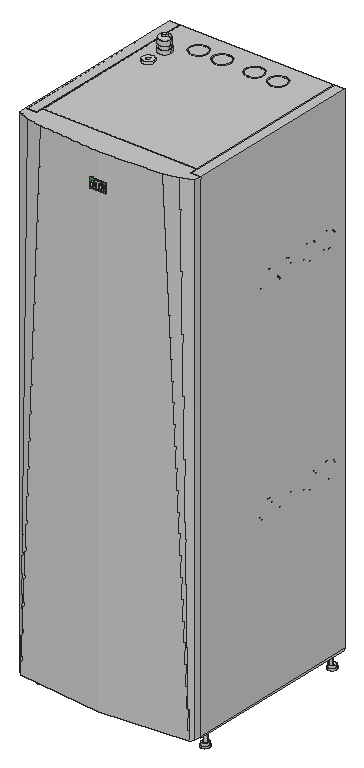
Revit family "HVAC_Heaters_Enertech_CTC-EcoPart-400 Basic", category Specialty Equipment, Revit 2017 (continued)
Automatic sketch dimensions
  curve 123 to curve 167 = 1.883 mm
  curve 342 to curve 343 = 18.343 mm
  level to curve 347 = 25.414 mm
  curve 345 to curve 347 = 1.414 mm
  plane 8 to curve 167 = 40.305 mm
  curve 166 to curve 167 = 2.332 mm
  level to curve 346 = 26.828 mm
  curve 165 to curve 170 = 4.096 mm
  curve 284 to curve 290 = 27.466 mm
  curve 279 to curve 286 = 27.466 mm
  curve 203 to curve 206 = 27.466 mm
  curve 198 to curve 210 = 27.466 mm
  curve 206 to curve 200 = 1 mm
  curve 284 to curve 275 = 28.466 mm
  curve 278 to curve 289 = 2 mm
  curve 286 to curve 285 = 2 mm
  curve 198 to curve 209 = 2 mm
  curve 199 to curve 205 = 2 mm
  curve 167 to curve 176 = 6.7 mm
  level to curve 347 = 16.828 mm
  curve 345 to curve 347 = 8.587 mm
  level to curve 346 = 18.242 mm
  curve 348 to curve 346 = 1.414 mm
  curve 349 to curve 348 = 1.414 mm  (x2)
  level to curve 350 = 18.242 mm
  level to curve 351 = 16.828 mm
  level to curve 350 = 26.409 mm
  curve 349 to curve 350 = 8.167 mm
  curve 176 to curve 175 = 22.169 mm
  curve 195 to curve 207 = 28.466 mm
  curve 275 to curve 288 = 28.466 mm
  curve 287 to curve 276 = 0 mm
  curve 208 to curve 201 = 0 mm
  curve 201 to curve 207 = 2.001 mm
  curve 276 to curve 288 = 2.001 mm
  curve 208 to curve 202 = 0 mm
  curve 287 to curve 275 = 0 mm
  curve 175 to curve 160 = 4.936 mm
  curve 175 to curve 162 = 6.7 mm
  curve 162 to curve 161 = 2.332 mm
  curve 162 to curve 125 = 4.216 mm
  curve 195 to curve 188 = 19.066 mm
  curve 187 to curve 181 = 0 mm
  curve 275 to curve 300 = 19.066 mm
  curve 299 to curve 300 = 0 mm
  curve 296 to curve 299 = 2.001 mm
  curve 184 to curve 187 = 2.001 mm
  curve 300 to curve 295 = 0 mm
  curve 188 to curve 183 = 0 mm
  curve 295 to curve 302 = 27.466 mm
  curve 187 to curve 190 = 27.466 mm
  curve 188 to curve 194 = 27.466 mm
  curve 294 to curve 306 = 27.466 mm
  curve 190 to curve 182 = 1 mm
  curve 302 to curve 291 = 1 mm
  curve 190 to curve 189 = 2 mm
  curve 181 to curve 193 = 2 mm
  curve 294 to curve 305 = 2 mm
  curve 302 to curve 301 = 2 mm
  level to curve 140 = 4 mm
  curve 140 to plane 6 = 46.48 mm
  curve 179 to curve 191 = 28.466 mm
  curve 192 to curve 191 = 0 mm
  curve 291 to curve 303 = 28.466 mm
  curve 304 to curve 297 = 0 mm
  curve 140 to curve 307 = 2 mm
  curve 292 to curve 304 = 2.001 mm
  curve 303 to curve 291 = 0 mm
  curve 192 to curve 192 = 2.001 mm
  curve 191 to curve 179 = 0 mm
  curve 138 to curve 138 = 7.375 mm
  curve 142 to curve 311 = 10 mm
  curve 132 to curve 135 = 7.375 mm
  curve 135 to curve 136 = 2 mm
  curve 133 to plane 6 = 4 mm
  plane 6 to curve 111 = 1 mm
  plane 6 to curve 116 = 1 mm
  plane 6 to curve 108 = 1 mm
  curve 146 to curve 144 = 8 mm
  curve 139 to curve 139 = 8 mm
  curve 330 to curve 330 = 1.414 mm
  curve 316 to curve 316 = 1.414 mm
  curve 326 to curve 326 = 1.414 mm
  curve 153 to curve 143 = 0 mm
  curve 142 to curve 311 = 0 mm
  curve 154 to curve 355 = 24.5 mm
  curve 130 to curve 129 = 24.518 mm
  curve 331 to curve 254 = 573.124 mm
  curve 254 to curve 253 = 0 mm
  curve 253 to curve 286 = 0 mm
  curve 286 to curve 285 = 0 mm
  curve 282 to curve 301 = 0 mm
  curve 302 to curve 298 = 0 mm
  curve 253 to curve 269 = 0 mm
  curve 270 to curve 266 = 0 mm
  curve 270 to curve 270 = 2.001 mm
  curve 254 to curve 254 = 2.001 mm
  curve 286 to curve 286 = 2.001 mm
  curve 301 to curve 301 = 2.001 mm
  curve 283 to curve 284 = 2 mm
  curve 267 to curve 268 = 2 mm
  curve 250 to curve 256 = 2 mm
  curve 265 to curve 272 = 2 mm
  curve 296 to curve 300 = 2 mm
  curve 247 to curve 252 = 2 mm
  curve 287 to curve 288 = 2 mm
  curve 297 to curve 304 = 2 mm
  curve 221 to plane 8 = 460.467 mm
  curve 222 to curve 218 = 0 mm
  curve 237 to curve 216 = 0 mm
  curve 221 to curve 189 = 0 mm
  curve 190 to curve 186 = 0 mm
  curve 238 to curve 234 = 0 mm
  curve 206 to curve 184 = 0 mm
  curve 206 to curve 205 = 0 mm
  curve 206 to curve 206 = 2.001 mm
  curve 232 to curve 238 = 2.001 mm
  curve 190 to curve 190 = 2.001 mm
  curve 222 to curve 222 = 2.001 mm
  curve 234 to curve 240 = 2 mm
  curve 191 to curve 192 = 2 mm
  curve 200 to curve 204 = 2 mm
  curve 183 to curve 188 = 2 mm
  curve 232 to curve 236 = 2 mm
  curve 201 to curve 208 = 2 mm
  curve 218 to curve 224 = 2 mm
  curve 215 to curve 220 = 2 mm
  curve 129 to curve 105 = 199.429 mm
  curve 116 to curve 114 = 28 mm
  curve 113 to curve 112 = 22 mm
  curve 111 to curve 111 = 28 mm
  curve 110 to curve 107 = 22 mm
  curve 107 to curve 107 = 28 mm
  plane 8 to curve 159 = 11 mm
  curve 158 to curve 160 = 14.2 mm
  curve 162 to curve 123 = 6.695 mm
  plane 7 to curve 356 = 13.426 mm
  curve 356 to curve 355 = 9.24 mm
  curve 355 to curve 354 = 15.898 mm
  curve 353 to curve 155 = 4 mm
  curve 174 to curve 176 = 0 mm
  curve 174 to curve 175 = 0 mm  (x2)
  curve 142 to curve 312 = 19.518 mm
  Extrusion 26 sketch curve to plane 3 "Center (Left/Right)" = 135 mm  (x2)
  Extrusion 26 sketch curve to plane 3 "Center (Left/Right)" = 55 mm  (x2)
  plane 3 "Center (Left/Right)" to Extrusion 26 sketch curve = 54.984 mm  (x2)
  Extrusion 26 sketch curve to Extrusion 26 sketch curve = 80 mm  (x2)
  level to Extrusion 26 sketch curve = 630 mm
  Extrusion 26 sketch curve to Extrusion 26 sketch curve = 0 mm  (x6)
  Extrusion 26 sketch curve to plane 8 = 430 mm
  curve 436 to plane 8 = 118.325 mm
  radius of Extrusion 9 sketch curve = 14 mm  (x6)
  radius of Extrusion 9 sketch curve = 12.4 mm  (x6)
  radius of Extrusion 15 sketch curve = 5 mm  (x4)
  radius of Extrusion 19 sketch curve = 19.248 mm
  radius of Extrusion 19 sketch curve = 7.026 mm
  radius of Extrusion 21 sketch curve = 5.5 mm
  radius of Extrusion 23 sketch curve = 28.484 mm  (x4)
  radius of Extrusion 24 sketch curve = 28.484 mm  (x8)
  radius of Extrusion 25 sketch curve = 28.484 mm  (x8)
  radius of Extrusion 26 sketch curve = 28.484 mm  (x8)
Connectors
  electrical at (-205.108, 200.616, 1807), driven by "NumberOfPoles"
    settings: on cut or joined group of Revolve 20, Extrusion 21, index 1, voltage 0 V, apparent load 0 VA, apparent load phase1 0 VA, apparent load phase2 0 VA, apparent load phase3 0 VA, power factor 1, load classification "Other", number of poles 1, system type 31, power factor state 1, is connector primary yes, connector utility no, sub classification motor no, connector description ""
  electrical at (-205.108, 130.616, 1766)
    settings: on Extrusion 19, index 2, voltage 0 V, apparent load 0 VA, apparent load phase1 0 VA, apparent load phase2 0 VA, apparent load phase3 0 VA, power factor 1, load classification "Other", number of poles 1, system type 14, power factor state 1, is connector primary no, connector utility no, sub classification motor no, connector description ""
  piping at (-134.992, 257.55, 1757), diameter 28
    settings: on Extrusion 23, index 3, connector inside diameter 609.6 mm, connector length 0 mm, flow factor 0, pipe flow 0.0 L/s, pressure drop 0.0 Pa, fitting loss kfactor 0, connector angle 0.00°, fixture units 0, engagement length 0 mm, angle of deflection 0.00°, flow configuration 0, flow direction 1, fitting loss method 0, system type 19, joint type 0, gender type 0, connector reference index -1, connector utility 0, adjustable connector no, is connector primary yes, connector description ""
  piping at (-54.992, 257.55, 1757), diameter 28
    settings: on Extrusion 23, index 4, connector inside diameter 609.6 mm, connector length 0 mm, flow factor 0, pipe flow 0.0 L/s, pressure drop 0.0 Pa, fitting loss kfactor 0, connector angle 0.00°, fixture units 0, engagement length 0 mm, angle of deflection 0.00°, flow configuration 0, flow direction 2, fitting loss method 0, system type 19, joint type 0, gender type 0, connector reference index -1, connector utility 0, adjustable connector no, is connector primary no, connector description ""
  piping at (54.992, 257.55, 1757), diameter 28
    settings: on Extrusion 23, index 5, connector inside diameter 609.6 mm, connector length 0 mm, flow factor 0, pipe flow 0.0 L/s, pressure drop 0.0 Pa, fitting loss kfactor 0, connector angle 0.00°, fixture units 0, engagement length 0 mm, angle of deflection 0.00°, flow configuration 0, flow direction 2, fitting loss method 0, system type 22, joint type 0, gender type 0, connector reference index -1, connector utility 0, adjustable connector no, is connector primary no, connector description ""
  piping at (134.992, 257.55, 1757), diameter 28
    settings: on Extrusion 23, index 6, connector inside diameter 609.6 mm, connector length 0 mm, flow factor 0, pipe flow 0.0 L/s, pressure drop 0.0 Pa, fitting loss kfactor 0, connector angle 0.00°, fixture units 0, engagement length 0 mm, angle of deflection 0.00°, flow configuration 0, flow direction 1, fitting loss method 0, system type 22, joint type 0, gender type 0, connector reference index -1, connector utility 0, adjustable connector no, is connector primary no, connector description ""
  piping at (296, -4, 1330), diameter 28
    settings: on Extrusion 25, index 7, connector inside diameter 609.6 mm, connector length 0 mm, flow factor 0, pipe flow 0.0 L/s, pressure drop 0.0 Pa, fitting loss kfactor 0, connector angle 0.00°, fixture units 0, engagement length 0 mm, angle of deflection 0.00°, flow configuration 0, flow direction 1, fitting loss method 0, system type 19, joint type 0, gender type 0, connector reference index -1, connector utility 0, adjustable connector no, is connector primary no, connector description ""
  piping at (296, 76, 1330), diameter 28
    settings: on Extrusion 25, index 8, connector inside diameter 609.6 mm, connector length 0 mm, flow factor 0, pipe flow 0.0 L/s, pressure drop 0.0 Pa, fitting loss kfactor 0, connector angle 0.00°, fixture units 0, engagement length 0 mm, angle of deflection 0.00°, flow configuration 0, flow direction 2, fitting loss method 0, system type 19, joint type 0, gender type 0, connector reference index -1, connector utility 0, adjustable connector no, is connector primary no, connector description ""
  piping at (296, 185.984, 1330), diameter 28
    settings: on Extrusion 25, index 9, connector inside diameter 609.6 mm, connector length 0 mm, flow factor 0, pipe flow 0.0 L/s, pressure drop 0.0 Pa, fitting loss kfactor 0, connector angle 0.00°, fixture units 0, engagement length 0 mm, angle of deflection 0.00°, flow configuration 0, flow direction 2, fitting loss method 0, system type 22, joint type 0, gender type 0, connector reference index -1, connector utility 0, adjustable connector no, is connector primary no, connector description ""
  piping at (296, 262.484, 1330), diameter 28
    settings: on Extrusion 25, index 10, connector inside diameter 609.6 mm, connector length 0 mm, flow factor 0, pipe flow 0.0 L/s, pressure drop 0.0 Pa, fitting loss kfactor 0, connector angle 0.00°, fixture units 0, engagement length 0 mm, angle of deflection 0.00°, flow configuration 0, flow direction 1, fitting loss method 0, system type 22, joint type 0, gender type 0, connector reference index -1, connector utility 0, adjustable connector no, is connector primary no, connector description ""
  piping at (296, -4, 630), diameter 28
    settings: on Extrusion 25, index 11, connector inside diameter 609.6 mm, connector length 0 mm, flow factor 0, pipe flow 0.0 L/s, pressure drop 0.0 Pa, fitting loss kfactor 0, connector angle 0.00°, fixture units 0, engagement length 0 mm, angle of deflection 0.00°, flow configuration 0, flow direction 1, fitting loss method 0, system type 19, joint type 0, gender type 0, connector reference index -1, connector utility 0, adjustable connector no, is connector primary no, connector description ""
  piping at (296, 76, 630), diameter 28
    settings: on Extrusion 25, index 12, connector inside diameter 609.6 mm, connector length 0 mm, flow factor 0, pipe flow 0.0 L/s, pressure drop 0.0 Pa, fitting loss kfactor 0, connector angle 0.00°, fixture units 0, engagement length 0 mm, angle of deflection 0.00°, flow configuration 0, flow direction 2, fitting loss method 0, system type 19, joint type 0, gender type 0, connector reference index -1, connector utility 0, adjustable connector no, is connector primary no, connector description ""
  piping at (296, 185.984, 630), diameter 28
    settings: on Extrusion 25, index 13, connector inside diameter 609.6 mm, connector length 0 mm, flow factor 0, pipe flow 0.0 L/s, pressure drop 0.0 Pa, fitting loss kfactor 0, connector angle 0.00°, fixture units 0, engagement length 0 mm, angle of deflection 0.00°, flow configuration 0, flow direction 2, fitting loss method 0, system type 22, joint type 0, gender type 0, connector reference index -1, connector utility 0, adjustable connector no, is connector primary no, connector description ""
  piping at (296, 262.484, 630), diameter 28
    settings: on Extrusion 25, index 14, connector inside diameter 609.6 mm, connector length 0 mm, flow factor 0, pipe flow 0.0 L/s, pressure drop 0.0 Pa, fitting loss kfactor 0, connector angle 0.00°, fixture units 0, engagement length 0 mm, angle of deflection 0.00°, flow configuration 0, flow direction 1, fitting loss method 0, system type 22, joint type 0, gender type 0, connector reference index -1, connector utility 0, adjustable connector no, is connector primary no, connector description ""
  piping at (-296, -4, 1330), diameter 28
    settings: on Extrusion 24, index 15, connector inside diameter 609.6 mm, connector length 0 mm, flow factor 0, pipe flow 0.0 L/s, pressure drop 0.0 Pa, fitting loss kfactor 0, connector angle 0.00°, fixture units 0, engagement length 0 mm, angle of deflection 0.00°, flow configuration 0, flow direction 2, fitting loss method 0, system type 19, joint type 0, gender type 0, connector reference index -1, connector utility 0, adjustable connector no, is connector primary no, connector description ""
  piping at (-296, 76, 1330), diameter 28
    settings: on Extrusion 24, index 16, connector inside diameter 609.6 mm, connector length 0 mm, flow factor 0, pipe flow 0.0 L/s, pressure drop 0.0 Pa, fitting loss kfactor 0, connector angle 0.00°, fixture units 0, engagement length 0 mm, angle of deflection 0.00°, flow configuration 0, flow direction 2, fitting loss method 0, system type 19, joint type 0, gender type 0, connector reference index -1, connector utility 0, adjustable connector no, is connector primary no, connector description ""
  piping at (-296, 185.984, 1330), diameter 28
    settings: on Extrusion 24, index 17, connector inside diameter 609.6 mm, connector length 0 mm, flow factor 0, pipe flow 0.0 L/s, pressure drop 0.0 Pa, fitting loss kfactor 0, connector angle 0.00°, fixture units 0, engagement length 0 mm, angle of deflection 0.00°, flow configuration 0, flow direction 2, fitting loss method 0, system type 22, joint type 0, gender type 0, connector reference index -1, connector utility 0, adjustable connector no, is connector primary no, connector description ""
  piping at (-296, 262.484, 1330), diameter 28
    settings: on Extrusion 24, index 18, connector inside diameter 609.6 mm, connector length 0 mm, flow factor 0, pipe flow 0.0 L/s, pressure drop 0.0 Pa, fitting loss kfactor 0, connector angle 0.00°, fixture units 0, engagement length 0 mm, angle of deflection 0.00°, flow configuration 0, flow direction 2, fitting loss method 0, system type 22, joint type 0, gender type 0, connector reference index -1, connector utility 0, adjustable connector no, is connector primary no, connector description ""
  piping at (-296, 262.484, 630), diameter 28
    settings: on Extrusion 24, index 19, connector inside diameter 609.6 mm, connector length 0 mm, flow factor 0, pipe flow 0.0 L/s, pressure drop 0.0 Pa, fitting loss kfactor 0, connector angle 0.00°, fixture units 0, engagement length 0 mm, angle of deflection 0.00°, flow configuration 0, flow direction 2, fitting loss method 0, system type 22, joint type 0, gender type 0, connector reference index -1, connector utility 0, adjustable connector no, is connector primary no, connector description ""
  piping at (-296, 185.984, 630), diameter 28
    settings: on Extrusion 24, index 20, connector inside diameter 609.6 mm, connector length 0 mm, flow factor 0, pipe flow 0.0 L/s, pressure drop 0.0 Pa, fitting loss kfactor 0, connector angle 0.00°, fixture units 0, engagement length 0 mm, angle of deflection 0.00°, flow configuration 0, flow direction 2, fitting loss method 0, system type 22, joint type 0, gender type 0, connector reference index -1, connector utility 0, adjustable connector no, is connector primary no, connector description ""
  piping at (-296, 76, 630), diameter 28
    settings: on Extrusion 24, index 21, connector inside diameter 609.6 mm, connector length 0 mm, flow factor 0, pipe flow 0.0 L/s, pressure drop 0.0 Pa, fitting loss kfactor 0, connector angle 0.00°, fixture units 0, engagement length 0 mm, angle of deflection 0.00°, flow configuration 0, flow direction 2, fitting loss method 0, system type 19, joint type 0, gender type 0, connector reference index -1, connector utility 0, adjustable connector no, is connector primary no, connector description ""
  piping at (-296, -4, 630), diameter 28
    settings: on Extrusion 24, index 22, connector inside diameter 609.6 mm, connector length 0 mm, flow factor 0, pipe flow 0.0 L/s, pressure drop 0.0 Pa, fitting loss kfactor 0, connector angle 0.00°, fixture units 0, engagement length 0 mm, angle of deflection 0.00°, flow configuration 0, flow direction 2, fitting loss method 0, system type 19, joint type 0, gender type 0, connector reference index -1, connector utility 0, adjustable connector no, is connector primary no, connector description ""
  piping at (134.984, 338, 1330), diameter 28
    settings: on Extrusion 26, index 23, connector inside diameter 609.6 mm, connector length 0 mm, flow factor 0, pipe flow 0.0 L/s, pressure drop 0.0 Pa, fitting loss kfactor 0, connector angle 0.00°, fixture units 0, engagement length 0 mm, angle of deflection 0.00°, flow configuration 1, flow direction 1, fitting loss method 0, system type 19, joint type 0, gender type 0, connector reference index -1, connector utility 0, adjustable connector no, is connector primary no, connector description ""
  piping at (54.984, 338, 1330), diameter 28
    settings: on Extrusion 26, index 24, connector inside diameter 609.6 mm, connector length 0 mm, flow factor 0, pipe flow 0.0 L/s, pressure drop 0.0 Pa, fitting loss kfactor 0, connector angle 0.00°, fixture units 0, engagement length 0 mm, angle of deflection 0.00°, flow configuration 1, flow direction 2, fitting loss method 0, system type 19, joint type 0, gender type 0, connector reference index -1, connector utility 0, adjustable connector no, is connector primary no, connector description ""
  piping at (-55, 338, 1330), diameter 28
    settings: on Extrusion 26, index 25, connector inside diameter 609.6 mm, connector length 0 mm, flow factor 0, pipe flow 0.0 L/s, pressure drop 0.0 Pa, fitting loss kfactor 0, connector angle 0.00°, fixture units 0, engagement length 0 mm, angle of deflection 0.00°, flow configuration 1, flow direction 2, fitting loss method 0, system type 22, joint type 0, gender type 0, connector reference index -1, connector utility 0, adjustable connector no, is connector primary no, connector description ""
  piping at (-135, 338, 1330), diameter 28
    settings: on Extrusion 26, index 26, connector inside diameter 609.6 mm, connector length 0 mm, flow factor 0, pipe flow 0.0 L/s, pressure drop 0.0 Pa, fitting loss kfactor 0, connector angle 0.00°, fixture units 0, engagement length 0 mm, angle of deflection 0.00°, flow configuration 1, flow direction 1, fitting loss method 0, system type 22, joint type 0, gender type 0, connector reference index -1, connector utility 0, adjustable connector no, is connector primary no, connector description ""
  piping at (134.984, 338, 630), diameter 28
    settings: on Extrusion 26, index 27, connector inside diameter 609.6 mm, connector length 0 mm, flow factor 0, pipe flow 0.0 L/s, pressure drop 0.0 Pa, fitting loss kfactor 0, connector angle 0.00°, fixture units 0, engagement length 0 mm, angle of deflection 0.00°, flow configuration 1, flow direction 1, fitting loss method 0, system type 19, joint type 0, gender type 0, connector reference index -1, connector utility 0, adjustable connector no, is connector primary no, connector description ""
  piping at (54.984, 338, 630), diameter 28
    settings: on Extrusion 26, index 28, connector inside diameter 609.6 mm, connector length 0 mm, flow factor 0, pipe flow 0.0 L/s, pressure drop 0.0 Pa, fitting loss kfactor 0, connector angle 0.00°, fixture units 0, engagement length 0 mm, angle of deflection 0.00°, flow configuration 1, flow direction 2, fitting loss method 0, system type 19, joint type 0, gender type 0, connector reference index -1, connector utility 0, adjustable connector no, is connector primary no, connector description ""
  piping at (-55, 338, 630), diameter 28
    settings: on Extrusion 26, index 29, connector inside diameter 609.6 mm, connector length 0 mm, flow factor 0, pipe flow 0.0 L/s, pressure drop 0.0 Pa, fitting loss kfactor 0, connector angle 0.00°, fixture units 0, engagement length 0 mm, angle of deflection 0.00°, flow configuration 1, flow direction 2, fitting loss method 0, system type 22, joint type 0, gender type 0, connector reference index -1, connector utility 0, adjustable connector no, is connector primary no, connector description ""
  piping at (-135, 338, 630), diameter 28
    settings: on Extrusion 26, index 30, connector inside diameter 609.6 mm, connector length 0 mm, flow factor 0, pipe flow 0.0 L/s, pressure drop 0.0 Pa, fitting loss kfactor 0, connector angle 0.00°, fixture units 0, engagement length 0 mm, angle of deflection 0.00°, flow configuration 1, flow direction 1, fitting loss method 0, system type 22, joint type 0, gender type 0, connector reference index -1, connector utility 0, adjustable connector no, is connector primary no, connector description ""
Types (5, lengths in mm): name | Weight | SpecifiedOutput | SoundPowerLWA | Sound pressureLPA 1m | SCOPWarm | SCOPModerate | SCOPCold | RefrigerantQuantity | RatedVoltage | RatedHeatOutputModerate | RatedCurrent | NumberOfPoles | NominalVoltage | ModelNumber | MaxStartingCurrent | Model | InPutPower | GroupFuse | EANNumber | CoolingModule_Bottom_Top | COPTop | COPBottom | COP | CO2Equivalent
  CTC EcoPart 425 Basic - 400V3N | "323 kg" | "24.43 kW" | "50 dB" | "45 dB" | "4.7" | "4.8" | "4.8" | "4.6 kg (2.7+1.9)" | 1200 V | "26 kW" | 21.1 A | 3 | 400 V | "587000011" | "49.7 A (32.0 + 17.7)" | "CTC EcoPart 425 Basic" | "5.51 kW" | "25 A" | "7333077000608" | "417/408" | "4.58 / 3.64 / 2.99" | "4.36/3.61/3.07" | "4.43" | "8.160 tonnes"
  CTC EcoPart 425 Basic - 230V1N | "334 kg" | "24.44 kW" | "50 dB" | "45 dB" | "4.7" | "4.8" | "4.8" | "4.6 kg (2.7+1.9)" | 230 V | "26 kW" | 24 A | 1 | 230 V | "587001011" | "60.0 A (30.0 + 30.0)" | "CTC EcoPart 425 Basic" | "5.36 kW" | "25 A" | "7333077000653" | "414/410" | "4.60/3.68/2.98" | "4.54/3.64/2.95" | "4.56" | "8.160 tonnes"
  CTC EcoPart 430 Basic - 400V3N | "344 kg" | "27.99 kW" | "53 dB" | "48 dB" | "4.5" | "4.8" | "4.6" | "5.0 kg (2.7+2.3)" | 1200 V | "32 kw" | 23.5 A | 3 | 400 V | "587000012" | "55.5 A (32.0 + 23.5)" | "CTC EcoPart 430 Basic" | "6.27 kW" | "25 A" | "7333077000615" | "417/408" | "4.58 / 3.64 / 2.99" | "4.36/3.61/3.07" | "4.46" | "8.870 tonnes"
  CTC EcoPart 435 Basic - 400V3N | "349 kg" | "32.48 kW" | "56 dB" | "51 dB" | "4.7" | "4.6" | "4.7" | "5.4 kg (2.7+2.7)" | 1200 V | "38 kW" | 27.8 A | 3 | 400 V | "587000013" | "64.0 A (32.0 +32.0)" | "CTC EcoPart 435 Basic" | "7.44 kW" | "30 A" | "7333077000622" | "417/408" | "4.58 / 3.64 / 2.99" | "4.36/3.61/3.07" | "4.37" | "9.579 tonnes"
  CTC EcoPart 430 Basic - 230V1N | "355 kg" | "28.94 kW" | "53 dB" | "48 dB" | "4.5" | "4.8" | "4.6" | "5.4 kg (2.7+2.7)" | 1200 V | "32 kw" | 28 A | 3 | 400 V | "587001012" | "60.0 A (30.0 + 30.0)" | "CTC EcoPart 430 Basic" | "6.38 kW" | "25 A" | "7333077000660" | "417/408" | "4.58 / 3.64 / 2.99" | "4.36/3.61/3.07" | "4.54" | "9.579 tonnes"
